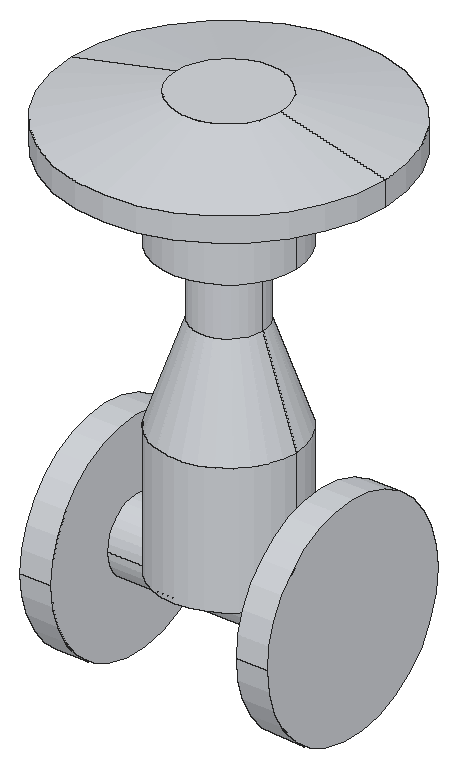
Revit family "M_Válvula de diafragma - Reto - 15-50 mm", category Acessórios do tubo, Revit 2019
Family settings
  Cota do conector redondo = Usar raio
  Tipo de parte = Válvula - Quebra entre
  Número OmniClass = 23.65.55.14.17
  Título OmniClass = Adjusting/Controlling Valves for Liquid Services
  ID de item do Seek = Diaphragm Valve - Straight - 15-50 mm-0000-CAN-ENU
  Com base no plano de trabalho = Não
  Sempre na vertical = Sim
  Corte com vazios quando carregada = Não
  Compartilhado = Não
Parameters (values of type "15 mm")
  Material da válvula = none
  Raio do tronco = Diâmetro do tronco / 2  # 17.5 mm
  Altura do tronco = Altura da chapeleta 1 - 3 mm  # 22.5 mm
  Diâmetro do tronco = Diâmetro da maçaneta do registro 2 + 8 mm  # 35 mm
  Raio externo da tubulação = Diâmetro externo da tubulação / 2  # 9.375 mm
  Diâmetro externo da tubulação = 1.25 * Diâmetro nominal  # 18.75 mm
  Altura aberta = 111 mm
  Raio nominal = 7.5 mm
  Diâmetro nominal = Raio nominal * 2  # 15 mm
  Comprimento = tan(30.00°) * Comprimento do corpo / 2  # 13.856 mm
  K Coefficient = 0
  Raio da maçaneta do registro 2 = Diâmetro da maçaneta do registro 2 / 2  # 13.5 mm
  Raio da maçaneta do registro 1 = Diâmetro da maçaneta do registro 1 / 2  # 40.5 mm
  Altura da maçaneta do registro = 12.5 mm
  Diâmetro da maçaneta do registro 2 = 27 mm
  Diâmetro da maçaneta do registro 1 = 3 * Diâmetro da maçaneta do registro 2  # 81 mm
  Espessura do flange = 8 mm
  Raio da flange = Diâmetro da flange / 2  # 27.5 mm
  Diâmetro da flange = 55 mm
  Raio da chapeleta 2 = Diâmetro da chapeleta 2 / 2  # 8.75 mm
  Raio da chapeleta 1 = Diâmetro da chapeleta 1 / 2  # 17.5 mm
  Altura da chapeleta 2 = Diâmetro da chapeleta 2  # 17.5 mm
  Altura da chapeleta 1 = Diâmetro da chapeleta 2 + 8 mm  # 25.5 mm
  Diâmetro da chapeleta 2 = 17.5 mm
  Diâmetro da chapeleta 1 = 2 * Diâmetro da chapeleta 2  # 35 mm
  Comprimento do corpo = 48 mm
Types (5, lengths in mm): name | Raio do tronco | Altura do tronco | Diâmetro do tronco | Raio externo da tubulação | Diâmetro externo da tubulação | Altura aberta | Raio nominal | Diâmetro nominal | Comprimento | K Coefficient | Raio da maçaneta do registro 2 | Raio da maçaneta do registro 1 | Altura da maçaneta do registro | Diâmetro da maçaneta do registro 2 | Diâmetro da maçaneta do registro 1 | Espessura do flange | Raio da flange | Diâmetro da flange | Raio da chapeleta 2 | Raio da chapeleta 1 | Altura da chapeleta 2 | Altura da chapeleta 1 | Diâmetro da chapeleta 2 | Diâmetro da chapeleta 1 | Comprimento do corpo
  (no name) | 17.5 | 22.5 | 35 | 9.375 | 18.75 | 111 | 7.5 | 15 | 13.856 | 0 | 13.5 | 40.5 | 12.5 | 27 | 81 | 8 | 27.5 | 55 | 8.75 | 17.5 | 17.5 | 25.5 | 17.5 | 35 | 48
  15 mm | 17.5 | 22.5 | 35 | 9.375 | 18.75 | 111 | 7.5 | 15 | 13.856 | 0 | 13.5 | 40.5 | 12.5 | 27 | 81 | 8 | 27.5 | 55 | 8.75 | 17.5 | 17.5 | 25.5 | 17.5 | 35 | 48
  25 mm | 20.5 | 25 | 41 | 15.625 | 31.25 | 145 | 12.5 | 25 | 23.383 | 0.01 | 16.5 | 49.5 | 20 | 33 | 99 | 14 | 37.5 | 75 | 10 | 20 | 20 | 28 | 20 | 40 | 81
  40 mm | 20.5 | 25 | 41 | 25 | 50 | 160 | 20 | 40 | 30.311 | 0.04 | 16.5 | 49.5 | 20 | 33 | 99 | 17.5 | 40 | 80 | 10 | 20 | 20 | 28 | 20 | 40 | 105
  50 mm | 24 | 30 | 48 | 31.25 | 62.5 | 206 | 25 | 50 | 34.641 | 0.04 | 20 | 60 | 25 | 40 | 120 | 20 | 52.5 | 105 | 12.5 | 25 | 25 | 33 | 25 | 50 | 120
Reference planes
  plane 1 "Centro (Frente/Trás)": y = 0
  plane 2: z = 0
  plane 3 "Centro (Esquerda/Direita)": x = 0
  plane 4: x = -24
  plane 5: x = 24
  plane 6: x = -32
  plane 7: x = 32
  plane 8: z = 7.938
  plane 9: z = 33.438
  plane 10: z = 111
  plane 11: z = 98.5
  plane 12: z = 76
  plane 13: z = 58.5
  plane 14: z = 104.75
  plane 15: y = 13.856
  plane 16: y = -13.856
Forms (mm)
  Extrusion 1, solid, material <- "Material da válvula", detail levels fine
    sketch origin (0, 0, 0) x (0, 1, 0) y (0, 0, 1)
      loop
        circle (0, 0) r 27.5
    from -32 to -24
  Extrusion 2, solid, material <- "Material da válvula", detail levels fine
    sketch origin (0, 0, 0) x (0, 1, 0) y (0, 0, 1)
      loop
        circle (0, 0) r 27.5
    from 24 to 32
  Extrusion 3, solid, material <- "Material da válvula", detail levels fine
    sketch origin (0, 0, 0) x (0, 1, 0) y (0, 0, 1)
      loop
        circle (0, 0) r 9.375
    from -24 to 24
  Extrusion 4, solid, material <- "Material da válvula", detail levels fine
    sketch origin (0, 0, 0) x (1, 0, 0) y (0, 1, 0)
      loop
        circle (0, 0) r 17.5
    from 33.438 to 0
  Extrusion 5, solid, material <- "Material da válvula", detail levels fine
    sketch origin (0, 0, 0) x (1, 0, 0) y (0, 1, 0)
      loop
        circle (0, 0) r 17.5
    from 76 to 98.5
  Extrusion 6, solid, material <- "Material da válvula", detail levels fine
    sketch origin (0, 0, 0) x (1, 0, 0) y (0, 1, 0)
      loop
        circle (0, 0) r 8.75
    from 58.5 to 76
  Blend 7, solid, material <- "Material da válvula", detail levels fine
    base sketch origin (0, 0, 0) x (1, 0, 0) y (0, 1, 0)
      loop
        circle (0, 0) r 17.5
    top sketch origin (0, 0, 0) x (1, 0, 0) y (0, 1, 0)
      loop
        circle (0, 0) r 8.75
    from 33.438 to 58.5
  Extrusion 8, solid, material <- "Material da válvula", detail levels fine
    sketch origin (0, 0, 0) x (1, 0, 0) y (0, 1, 0)
      loop
        circle (0, 0) r 40.5
    from 98.5 to 104.75
  Blend 9, solid, material <- "Material da válvula", detail levels fine
    base sketch origin (0, 0, 0) x (1, 0, 0) y (0, 1, 0)
      loop
        circle (0, 0) r 40.5
    top sketch origin (0, 0, 0) x (1, 0, 0) y (0, 1, 0)
      loop
        circle (0, 0) r 13.5
    from 104.75 to 111
Cuts and joins
  joined: Extrusion 1, Extrusion 2, Extrusion 3, Extrusion 4, Extrusion 5, Extrusion 6, Blend 7, Extrusion 8, Blend 9
Lines and regions (mm)
  model lines, detail levels coarse+medium
    curve 1: line (-32, -13.856, 0) -> (-32, 13.856, 0)
    curve 2: line (-32, 13.856, 0) -> (32, 13.856, 0)
    curve 3: line (32, 13.856, 0) -> (32, -13.856, 0)
    curve 4: line (32, -13.856, 0) -> (0, 13.856, 0)
    curve 5: line (-32, -13.856, 0) -> (0, 13.856, 0)
Dimensions and locks
  equal spacing: plane 4, plane 3 "Centro (Esquerda/Direita)", plane 5
  "Comprimento do corpo": plane 4 to plane 5
  "Espessura do flange": plane 6 to plane 4
  "Espessura do flange": plane 5 to plane 7
  locked: plane 8 to plane 2 at 7.938
  "Altura da chapeleta 1": plane 9 to plane 8
  "Altura aberta": plane 10 to plane 2
  "Altura da maçaneta do registro": plane 10 to plane 11
  "Altura do tronco": plane 11 to plane 12
  "Altura da chapeleta 2": plane 12 to plane 13
  equal spacing: plane 10, plane 14, plane 11
  "Comprimento": plane 15 to plane 1 "Centro (Frente/Trás)"
  "Comprimento": plane 1 "Centro (Frente/Trás)" to plane 16
  "Raio da flange": radius of Extrusion 1 sketch curve
  "Raio da flange": radius of Extrusion 2 sketch curve
  "Raio externo da tubulação": radius of Extrusion 3 sketch curve
  "Raio da chapeleta 1": radius of Extrusion 4 sketch curve
  "Raio do tronco": radius of Extrusion 5 sketch curve
  "Raio da chapeleta 2": radius of Extrusion 6 sketch curve
  "Raio da chapeleta 1": radius of Blend 7 sketch curve
  "Raio da chapeleta 2": radius of Blend 7 sketch curve
  "Raio da maçaneta do registro 1": radius of Extrusion 8 sketch curve
  "Raio da maçaneta do registro 1": radius of Blend 9 sketch curve
  "Raio da maçaneta do registro 2": radius of Blend 9 sketch curve
  aligned and locked: plane 1 "Centro (Frente/Trás)" to Extrusion 1 sketch curve
  aligned and locked: plane 2 to Extrusion 1 sketch curve
  aligned and locked: Extrusion 1 to plane 6
  aligned and locked: plane 4 to Extrusion 1
  aligned and locked: Extrusion 2 to plane 5
  aligned and locked: plane 7 to Extrusion 2
  aligned and locked: plane 1 "Centro (Frente/Trás)" to Extrusion 3 sketch curve
  aligned and locked: plane 2 to Extrusion 3 sketch curve
  aligned and locked: Extrusion 3 to plane 4
  aligned and locked: plane 5 to Extrusion 3
  aligned and locked: plane 3 "Centro (Esquerda/Direita)" to Extrusion 4 sketch curve
  aligned and locked: plane 1 "Centro (Frente/Trás)" to Extrusion 4 sketch curve
  aligned and locked: plane 3 "Centro (Esquerda/Direita)" to Extrusion 5 sketch curve
  aligned and locked: plane 1 "Centro (Frente/Trás)" to Extrusion 5 sketch curve
  aligned and locked: Extrusion 4 to plane 9
  aligned and locked: Extrusion 4 to plane 2
  aligned and locked: plane 11 to Extrusion 5
  aligned and locked: Extrusion 5 to plane 12
  aligned and locked: plane 3 "Centro (Esquerda/Direita)" to Extrusion 6 sketch curve
  aligned and locked: plane 1 "Centro (Frente/Trás)" to Extrusion 6 sketch curve
  aligned and locked: plane 12 to Extrusion 6
  aligned and locked: Extrusion 6 to plane 13
  aligned and locked: plane 3 "Centro (Esquerda/Direita)" to Blend 7 sketch curve  (x2)
  aligned and locked: plane 1 "Centro (Frente/Trás)" to Blend 7 sketch curve  (x2)
  aligned and locked: Blend 7 to plane 9
  aligned and locked: plane 13 to Blend 7
  aligned and locked: plane 3 "Centro (Esquerda/Direita)" to Extrusion 8 sketch curve
  aligned and locked: plane 1 "Centro (Frente/Trás)" to Extrusion 8 sketch curve
  aligned and locked: plane 3 "Centro (Esquerda/Direita)" to Blend 9 sketch curve  (x2)
  aligned and locked: plane 1 "Centro (Frente/Trás)" to Blend 9 sketch curve  (x2)
  aligned and locked: plane 14 to Extrusion 8
  aligned and locked: Extrusion 8 to plane 11
  aligned and locked: plane 10 to Blend 9
  aligned and locked: Blend 9 to plane 14
Automatic sketch dimensions
  Extrusion 2 sketch curve to level = 0 mm
  Extrusion 2 sketch curve to plane 1 "Centro (Frente/Trás)" = 0 mm
  curve 5 to plane 6 = 0 mm
  curve 4 to plane 3 "Centro (Esquerda/Direita)" = 0 mm
  curve 3 to plane 7 = 0 mm
  curve 1 to plane 16 = 0 mm
  curve 4 to plane 16 = 0 mm
  curve 2 to plane 15 = 0 mm
Connectors
  piping at (-32, 0, 0), diameter 15, driven by "Raio nominal"
    settings: on Extrusion 1, index 1, connector inside diameter 15 mm, connector length 0 mm, flow factor 0, pipe flow 0.0 L/s, pressure drop 0.0 Pa, fitting loss kfactor 0, connector angle 0.00°, fixture units 0, engagement length 0 mm, angle of deflection 0.00°, flow configuration 0, flow direction 0, fitting loss method 2, system type 29, joint type 0, gender type 0, connector reference index 2, connector utility 0, adjustable connector no, is connector primary yes, connector description ""
  piping at (32, 0, 0), diameter 15, driven by "Raio nominal", driven by "K Coefficient"
    settings: on Extrusion 2, index 2, connector inside diameter 15 mm, connector length 0 mm, flow factor 0, pipe flow 0.0 L/s, pressure drop 0.0 Pa, fitting loss kfactor 0, connector angle 0.00°, fixture units 0, engagement length 0 mm, angle of deflection 0.00°, flow configuration 0, flow direction 0, fitting loss method 2, system type 29, joint type 0, gender type 0, connector reference index 1, connector utility 0, adjustable connector no, is connector primary no, connector description ""
